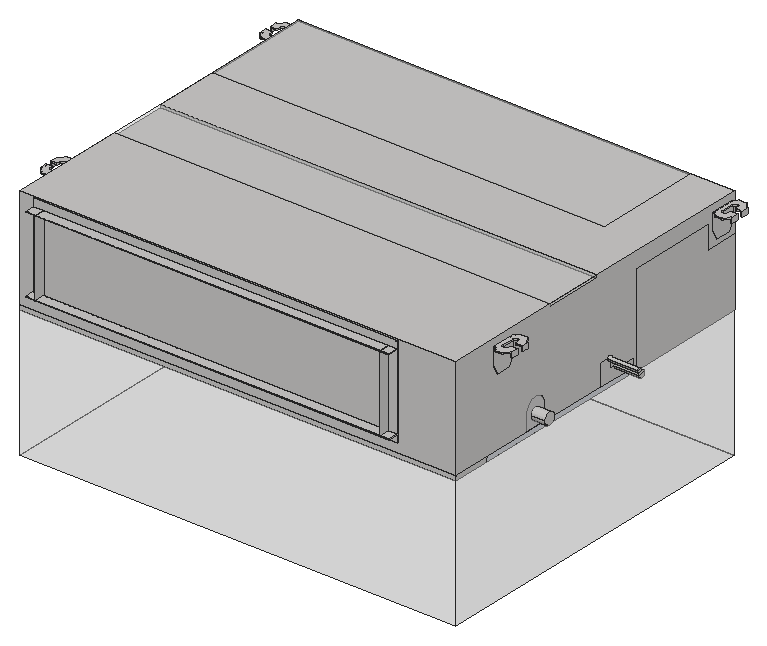
Revit family "outputfile", category 機械設備, Revit 2024
Family settings
  丸型コネクタ寸法 = 半径を使用
  パーツ タイプ = 標準
  OmniClass 番号 = 23.75.10.24.21.27.27
  OmniClass タイトル = Split System Air Conditioning Units
  作業面ベース = いいえ
  常に垂直 = はい
  ロード時にボイドで切り取り = いいえ
  注釈の向きを維持 = いいえ
  共有 = いいえ
  部屋計算ポイント = はい
Parameters (values of type "FXDBQ63AVM")
  Description = ""
  書き出し IFC クラス(タイプ) = "IfcUnitaryEquipmentType"
  定義済み IFC タイプ(タイプ) = "AIRCONDITIONINGUNIT"
  Cost = 0
  Type Comments = ""
  Keynote = ""
  Type Image = (empty or 0)
  Assembly Code = ""
  lh_liquidpipe = [h***] + 60.0 mm  # 60.0 mm
  lh_RA [instance] = if(Rear Connection_Return Air, 125.25 mm + [h***], 245.0 mm + [h***])  # 125.25 mm
  ld_RA_length [instance] = if(Rear Connection_Return Air, 245.0 mm, 126.0 mm)  # 245.0 mm
  l_liquidpipe_length [instance] = 571.0 mm
  l_gaspipe_length [instance] = 558.0 mm
  l_drainpipe_length [instance] = 533.0 mm
  angle_vertica [instance] = 90.00°
  angle horizontal [instance] = if(Right Connection_refrigerant, 180.00°, 0.00°)  # 180.00°
  URL = ""
  Right Connection_refrigerant [instance] = yes
  製造元 = "Daikin"
  モデル = "FXDBQ63AVM"
  w_pipe = 33.0 mm
  r_Liquid Pipe Size = Liquid Pipe Size / 2  # 4.75 mm
  r_Gas Pipe Size = Gas Pipe Size / 2  # 7.95 mm
  r_Drain Pipe Size = Drain Pipe Size / 2  # 12.5 mm
  lw_powersupply = 454.0 mm
  lw_ductflange2 = 902.0 mm
  lw_Width = 835.0 mm
  lh_suctionflange [instance] = 125.25 mm
  ld_suctionflange [instance] = if(Rear Connection_Return Air, 190.0 mm, 100.0 mm)  # 190.0 mm
  ld_powersupply = 60.0 mm
  angle_vertical_RA [instance] = if(Rear Connection_Return Air, 90.00°, 0.00°)  # 90.00°
  angle horizontal_RA [instance] = if(Rear Connection_Return Air, 180.00°, 270.00°)  # 180.00°
  Voltage_comment_60Hz = "220-230"
  Voltage_comment_50Hz = "220-240"
  Voltage_60Hz = 220 V
  Voltage_50Hz = 230 V
  Supply Air Direction [instance] = yes
  Sound Power Level_H speed (dB) = 0
  Rear Connection_Return Air [instance] = not(Bottom Connection_Return Air)  # yes
  RA_length [instance] = 245.0 mm  # constant formula
  Phase_60Hz = 1
  Phase_50Hz = 1
  Minimum External Static Pressure = 15.00 Pa
  Minimum Circuit Amps_60Hz = 1.5 A
  Minimum Circuit Amps_50Hz = 1.5 A
  Maximum Fuse Amps_60Hz = 16.0 A
  Maximum Fuse Amps_50Hz = 16.0 A
  Maximum External Static Pressure = 50.00 Pa
  Material_Casing = DAIKIN_GalvanizedSteel_Casing_indoorunit
  lw_liquidpipe = 71.0 mm  # constant formula
  lw_gaspipe = 58.0 mm  # constant formula
  lw_mountinghole_pitch = 1038.0 mm
  lw_mountinghole = 20.0 mm  # constant formula
  lw_drainpipe = 33.0 mm  # constant formula
  lh_powersupply = 10.0 mm
  lh_gaspipe = [h***] + 38.0 mm  # 38.0 mm
  lh_mountinghole = Height - 15.0 mm + [h***]  # 230.0 mm
  lh_drainpipe = 150.0 mm
  lh_antena = 16.0 mm  # constant formula
  ld_liquidpipe = 193.0 mm  # constant formula
  ld_gaspipe = 130.0 mm  # constant formula
  ld_mountinghole_pitch = 630.0 mm  # constant formula
  ld_drainpipe = 280.0 mm
  ld_controlbox = 626.0 mm  # constant formula
  h*** = 0.0 mm  # constant formula
  d_dischargeflange = 25.0 mm  # constant formula
  Width = 1000.0 mm
  Version = "ver.1.0"
  Unit Type = "3D Airflow Duct with Sensing Type"
  Unit Mass Weight = 36.00 kg
  Unit Designation [instance] = ""
  Uniclass2015Version = "Products v1.30"
  Uniclass2015Title = "Variable refrigerant flow units"
  Uniclass2015Code = "Pr_70_65_03_94"
  Total Heating Capacity [instance] = 0.000 kW
  Total Cooling Capacity [instance] = 0.000 kW
  Sound Pressure Level_M speed (dBA) = 0
  Sound Pressure Level_L speed (dBA) = 27
  Sound Pressure Level_H speed (dBA) = 35
  Series = "VRV Fan Coil Unit"
  Sensible Cooling Capacity [instance] = 0.000 kW
  SA Duct Size Width = 790.0 mm
  SA Duct Size Height = 174.0 mm
  Refrigerant Type = "R410A"
  RA Duct Size Width = 862.0 mm
  RA Duct Size Height [instance] = if(Rear Connection_Return Air, 202.6 mm, 204.0 mm)  # 202.6 mm
  Power Input (Heating) = 0.090 kW
  Power Input (Cooling) = 0.090 kW
  Option Accessory 3 [instance] = ""
  Option Accessory 2 [instance] = ""
  Option Accessory 1 [instance] = ""
  Nominal Heating Capacity = 8.000 kW
  Nominal Cooling Capacity = 7.100 kW
  Minimum Airflow = 870.00 m³/h
  Median Airflow = 1080.00 m³/h
  Maximum Airflow = 1320.00 m³/h
  Load Classification = HVAC
  Liquid Pipe Size = 9.5 mm
  Link_Nested Family [instance] = ""
  Left Connection_refrigerant [instance] = no
  IfcVersion = "0"
  IfcExportType = "AIRCONDITIONINGUNIT"
  IfcExportAs = "IfcUnitaryEquipmentType"
  Height = 245.0 mm
  Heating Entering Wet Bulb Temperature [instance] = 0.00 °C
  Heating Entering Dry Bulb Temperature [instance] = 0.00 °C
  Heating Ambient Wet Bulb Temperature [instance] = 0.00 °C
  Heating Ambient Dry Bulb Temperature [instance] = 0.00 °C
  Heat Exchanger Type = "Cross Fin Coil"
  Gas Pipe Size = 15.9 mm
  Frequency_60Hz = 60 Hz
  Frequency_50Hz = 50 Hz
  Fan Type = "Sirocco Fan"
  Fan Drive = "Direct Drive"
  FCU Tag No. [instance] = ""
  Drain Pipe Size = 25.0 mm
  Design Supply Airflow [instance] = 0.00 m³/h
  Design Return Airflow [instance] = 0.00 m³/h
  Design External Static Pressure [instance] = 0.00 Pa
  Depth = 800.0 mm
  既定の高さ = 0.0 mm
  Cooling Entering Wet Bulb Temperature [instance] = 0.00 °C
  Cooling Entering Dry Bulb Temperature [instance] = 0.00 °C
  Cooling Ambient Wet Bulb Temperature [instance] = 0.00 °C
  Cooling Ambient Dry Bulb Temperature [instance] = 0.00 °C
  Clearance visibility [instance] = yes
  Clearance Top = 0.0 mm
  Clearance Right = 0.0 mm
  Clearance Rear = 0.0 mm
  Clearance Left = 0.0 mm
  Clearance Front = 0.0 mm
  Clearance Bottom = 300.0 mm
  Bottom Connection_Return Air [instance] = no
Reference planes
  plane 1 "Center (Front/Back)": y = 0
  plane 2: z = 0
  plane 3 "Center (Left/Right)": x = 0
  plane 4 "Back": y = 400
  plane 5 "Front": y = -400
  plane 6 "Left": x = -500
  plane 7 "Right": x = 500
  plane 8 "Top": z = 0
  plane 9 "Bottom": z = -245
  plane 10: x = 330
  plane 11: x = -330
  plane 12: z = -235
  plane 13: z = -6
  plane 14: z = -67
  plane 15: z = -185
  plane 16: z = -207
  plane 17: x = -304
  plane 18: x = 304
  plane 19: x = -519
  plane 20: x = 519
  plane 21: x = -539
  plane 22: x = 390
  plane 23: x = 571
  plane 24: x = 558
  plane 25: x = 533
  plane 26: z = -15
  plane 27: z = -95
  plane 28 "Clearance Left": x = -500
  plane 29 "Clearance Right": x = 500
  plane 30 "Clearance Rear": y = 400
  plane 31 "Clearance Front": y = -400
  plane 32 "Clearance Top": z = 0
  plane 33 "Clearance Bottom": z = -545
  plane 34: z = -21
  plane 35: z = -206
  plane 36: z = -141.5
  plane 37: x = -40
  plane 38: y = 61
  plane 39: y = 39
  plane 40: y = -30
  plane 41: y = -171
  plane 42: z = -97.5
  plane 43: y = -400
  plane 44: x = -499
  plane 45: z = -145
  plane 46: z = -355
  plane 47: y = 210
  plane 48: z = 331
  plane 49: z = -244
  plane 50: y = 210
  plane 51: z = -146
  plane 52: x = 533
  plane 53: x = 495
  plane 54: x = 505
  plane 55: x = 501
  plane 56: x = 401
  plane 57: x = 499.004
  plane 58: x = -499
  plane 59: x = 454
  plane 60: z = -108
  plane 61: z = -234
  plane 62: x = -467
  plane 63: z = -3
  plane 64: x = -49.5
  plane 65: z = -1
  plane 66: y = 155
  plane 67: x = -50
  plane 68: y = -266
  plane 69: y = 364
  plane 70: z = -15
  plane 71: z = -185
  plane 72: z = -207
  plane 73: x = -533
  plane 74: x = -501
  plane 75: x = -571
  plane 76: x = -558
  plane 77: y = 280.25
  plane 78: z = 125.25
  plane 79: y = 117.5
  plane 80: z = -36.4
  plane 81: y = 399
Forms (mm)
  Extrusion 1, solid
    sketch origin (0, 0, 0) x (1, 0, 0) y (0, 0, 1)
      loop
        line (-500, -235) -> (-500, -245) -> (500, -245) -> (500, -235) -> (-500, -235)
    from -116.5 to 310
  Extrusion 2, solid, material "DAIKIN_GalvanizedSteel_Casing_indoorunit" <- "Material_Casing"
    sketch origin (0, 0, 0) x (1, 0, 0) y (0, 1, 0)
      loop
        line (-500, -400) -> (500, -400) -> (500, 400) -> (-500, 400) -> (-500, -400)
    from -245 to 0
  Extrusion 3, void
    sketch origin (0, 0, 1) x (1, 0, 0) y (0, 1, 0)
      loop
        line (-500, -128.821) -> (500, -128.821) -> (500, 4.179) -> (-500, 4.179) -> (-500, -128.821)
    from -1 to -7
  Revolve 4, solid, material "DAIKIN_GalvanizedSteel_Casing_indoorunit" <- "Material_Casing"
    sketch origin (0, 0, -207) x (0, -1, 0) y (1, 0, 0)
      loop
        line (-68.95, 501) -> (-61, 501) -> (-61, 558) -> (-68.95, 558) -> (-68.95, 501)
      axis (-61, 501) -> (-61, 558)
    angle from 0 to 360
  Revolve 5, solid, material "DAIKIN_GalvanizedSteel_Casing_indoorunit" <- "Material_Casing"
    sketch origin (0, 0, -185) x (0, -1, 0) y (1, 0, 0)
      loop
        line (-39, 501) -> (-39, 571) -> (-43.75, 571) -> (-43.75, 501) -> (-39, 501)
      axis (-39, 571) -> (-39, 501)
    angle from 0 to 360
  Extrusion 6, solid, material "DAIKIN_GalvanizedSteel_Casing_indoorunit" <- "Material_Casing"
    sketch origin (0, 0, 0) x (0, 1, 0) y (0, 0, 1)
      loop
        circle (-171, -206) r 13
    from 533 to 499.004
  Extrusion 7, solid, material "DAIKIN_GalvanizedSteel_Casing_indoorunit" <- "Material_Casing"
    sketch origin (0, 0, 0) x (1, 0, 0) y (0, 0, 1)
      loop
        line (-500, -235) -> (-500, -245) -> (500, -245) -> (500, -235) -> (-500, -235)
    from -116.5 to 400
  Extrusion 8, void
    sketch origin (0, 0, 0) x (1, 0, 0) y (0, 0, 1)
      loop
        line (401, 0) -> (-499, 0) -> (-499, -1) -> (401, -1) -> (401, 0)
    from -400 to -152.5
  Extrusion 9, solid, material "DAIKIN_GalvanizedSteel_Casing_indoorunit" <- "Material_Casing", visible <- "Rear Connection_Return Air"
    sketch origin (0, 0, 0) x (1, 0, 0) y (0, 1, 0)
      loop
        line (-499, 400) -> (-499, 152.5) -> (401, 152.5) -> (401, 400) -> (-499, 400)
    from -245 to -244
  Extrusion 10, solid, material "DAIKIN_GalvanizedSteel_Casing_indoorunit" <- "Material_Casing", visible <- "Bottom Connection_Return Air"
    sketch origin (0, 0, 0) x (1, 0, 0) y (0, 0, 1)
      loop
        line (401, -1) -> (-499, -1) -> (-499, -245) -> (401, -245) -> (401, -1)
    from -400 to -399
  Extrusion 11, void
    sketch origin (0, 0, 0) x (0, 1, 0) y (0, 0, 1)
      loop
        arc (-143.5, -198.721) -> (-171, -171.221) -> (-198.5, -198.721) r 27.5
        line (-198.5, -198.721) -> (-198.5, -235) -> (-143.5, -235) -> (-143.5, -198.721)
    from 499.004 to 500
  Extrusion 12, solid, material "DAIKIN_GalvanizedSteel_Casing_indoorunit" <- "Material_Casing"
    sketch origin (0, 0, 0) x (0, 1, 0) y (0, 0, 1)
      loop
        line (35.8, -185) -> (16.8, -185) -> (16.8, -235) -> (107.3, -235) -> (107.3, -217) -> (67.3, -217) -> (67.3, -207)
        arc (67.3, -207) -> (60.975, -213.325) -> (54.65, -207) r 6.325
        line (54.65, -207) -> (42.2, -207) -> (42.2, -185)
        arc (42.2, -185) -> (39, -188.2) -> (35.8, -185) r 3.2
    from 500 to 501
  Extrusion 13, void
    sketch origin (0, 0, 0) x (0, 1, 0) y (0, 0, -1)
      loop
        line (-143.5, 198.721) -> (-143.5, 235) -> (-198.5, 235) -> (-198.5, 198.721)
        arc (-198.5, 198.721) -> (-171, 171.221) -> (-143.5, 198.721) r 27.5
    from 499 to 500
  Extrusion 14, solid, material "DAIKIN_GalvanizedSteel_Casing_indoorunit" <- "Material_Casing"
    sketch origin (0, 0, 0) x (0, 1, 0) y (0, 0, -1)
      loop
        circle (-171, 206) r 13
    from 533 to 499
  Extrusion 15, solid, material "DAIKIN_GalvanizedSteel_Casing_indoorunit" <- "Material_Casing"
    sketch origin (0, 0, 0) x (0, 1, 0) y (0, 0, -1)
      loop
        arc (35.8, 185) -> (39, 188.2) -> (42.2, 185) r 3.2
        line (42.2, 185) -> (42.2, 207) -> (54.65, 207)
        arc (54.65, 207) -> (60.975, 213.325) -> (67.3, 207) r 6.325
        line (67.3, 207) -> (67.3, 217) -> (107.3, 217) -> (107.3, 235) -> (16.8, 235) -> (16.8, 185) -> (35.8, 185)
    from 500 to 501
  Revolve 16, solid, material "DAIKIN_GalvanizedSteel_Casing_indoorunit" <- "Material_Casing"
    sketch origin (0, 0, -185) x (0, -1, 0) y (1, 0, 0)
      loop
        line (-39, -501) -> (-43.75, -501) -> (-43.75, -571) -> (-39, -571) -> (-39, -501)
      axis (-39, -571) -> (-39, -501)
    angle from 0 to 360
  Revolve 17, solid, material "DAIKIN_GalvanizedSteel_Casing_indoorunit" <- "Material_Casing"
    sketch origin (0, 0, -207) x (0, -1, 0) y (1, 0, 0)
      loop
        line (-68.95, -501) -> (-68.95, -558) -> (-61, -558) -> (-61, -501) -> (-68.95, -501)
      axis (-61, -501) -> (-61, -558)
    angle from 0 to 360
  Extrusion 18, solid, material "DAIKIN_GalvanizedSteel_Casing_indoorunit" <- "Material_Casing"
    sketch origin (0, 0, 0) x (0, 1, 0) y (0, 0, 1)
      loop
        line (117.5, -36.4) -> (117.5, -245) -> (400, -245) -> (400, -88) -> (322.4, -88) -> (322.4, -36.4) -> (117.5, -36.4)
    from 501 to 500
Cuts and joins
  Extrusion 3, Extrusion 8, Extrusion 11, Extrusion 13 cuts Extrusion 2
  Extrusion 8, Extrusion 11, Extrusion 13 cuts Extrusion 7
Dimensions and locks
  "lh_powersupply": plane 12 to plane 9 "Bottom"
  locked: plane 8 "Top" to plane 13 at 6
  "Height": plane 8 "Top" to plane 9 "Bottom"
  equal spacing: plane 17, plane 3 "Center (Left/Right)", plane 18, locked at 304 each
  locked: plane 17 to plane 18 at 608
  equal spacing: plane 19, plane 3 "Center (Left/Right)", plane 20
  "lw_mountinghole_pitch": plane 19 to plane 20
  locked: plane 14 to plane 9 "Bottom" at 178
  "lw_mountinghole": plane 21 to plane 19
  locked: plane 15 to plane 9 "Bottom" at 60
  "lh_gaspipe": plane 16 to plane 9 "Bottom"
  "lh_mountinghole": plane 26 to plane 9 "Bottom"
  equal spacing: plane 6 "Left", plane 3 "Center (Left/Right)", plane 7 "Right"
  "Width": plane 6 "Left" to plane 7 "Right"
  "lh_drainpipe": plane 27 to plane 9 "Bottom"
  "Clearance Right": plane 7 "Right" to plane 29 "Clearance Right"
  "Clearance Left": plane 28 "Clearance Left" to plane 6 "Left"
  "lw_gaspipe": plane 7 "Right" to plane 24
  "lw_liquidpipe": plane 7 "Right" to plane 23
  "lw_drainpipe": plane 7 "Right" to plane 25
  "Clearance Rear": plane 30 "Clearance Rear" to plane 4 "Back"
  "Clearance Front": plane 5 "Front" to plane 31 "Clearance Front"
  "Clearance Top": plane 32 "Clearance Top" to plane 8 "Top"
  "Clearance Bottom": plane 9 "Bottom" to plane 33 "Clearance Bottom"
  locked: plane 8 "Top" to plane 34 at 21
  locked: plane 8 "Top" to plane 35 at 206
  locked: plane 36 to plane 9 "Bottom" at 103.5
  locked: plane 34 to plane 42 at 76.5
  locked: plane 44 to plane 6 "Left" at 1
  locked: plane 12 to plane 45 at 90
  locked: plane 46 to plane 33 "Clearance Bottom" at 190
  plane 48 to plane 26 = 346.0 mm
  locked: plane 49 to plane 9 "Bottom" at 1
  "ld_suctionflange": plane 4 "Back" to plane 50
  locked: plane 51 to plane 9 "Bottom" at 99
  locked: plane 7 "Right" to plane 52 at 33
  locked: plane 53 to plane 7 "Right" at 5
  locked: plane 7 "Right" to plane 54 at 5
  locked: plane 7 "Right" to plane 55 at 1
  plane 7 "Right" to plane 56 = 99.0 mm
  locked: plane 7 "Right" to plane 57 at 0.996
  locked: plane 58 to plane 6 "Left" at 1
  "lw_powersupply": plane 3 "Center (Left/Right)" to plane 59
  locked: plane 61 to plane 9 "Bottom" at 11
  locked: plane 6 "Left" to plane 62 at 33
  locked: plane 8 "Top" to plane 63 at 3
  locked: plane 8 "Top" to plane 65 at 1
  plane 66 to plane 4 "Back" = 245.0 mm
  "ld_mountinghole_pitch": plane 69 to plane 68
  locked: plane 8 "Top" to plane 70 at 15
  "Depth": plane 4 "Back" to plane 43
  equal spacing: plane 4 "Back", plane 1 "Center (Front/Back)", plane 43, locked at 400 each
  locked: plane 31 "Clearance Front" to plane 41 at 229
  locked: plane 31 "Clearance Front" to plane 39 at 439
  locked: plane 39 to plane 38 at 22
  locked: plane 8 "Top" to plane 71 at 185
  locked: plane 71 to plane 72 at 22
  locked: plane 60 to plane 9 "Bottom" at 137
  plane 72 to plane 9 "Bottom" = 38.0 mm
  locked: plane 73 to plane 6 "Left" at 33
  locked: plane 74 to plane 6 "Left" at 1
  locked: plane 75 to plane 6 "Left" at 71
  locked: plane 76 to plane 6 "Left" at 58
  "r_Liquid Pipe Size": Revolve 5 sketch curve to Revolve 5 sketch curve
  "r_Gas Pipe Size": Revolve 4 sketch curve to Revolve 4 sketch curve
  "lh_suctionflange": plane 78 to level
  "r_Liquid Pipe Size": Revolve 16 sketch curve to Revolve 16 sketch curve
  "r_Gas Pipe Size": Revolve 17 sketch curve to Revolve 17 sketch curve
  locked: plane 68 to plane 43 at 134
  "ld_RA_length": plane 30 "Clearance Rear" to plane 66
  locked: plane 30 "Clearance Rear" to Extrusion 9 sketch curve at 247.5
  locked: plane 79 to plane 30 "Clearance Rear" at 282.5
  locked: plane 80 to plane 9 "Bottom" at 208.6
  locked: Extrusion 18 sketch curve to Extrusion 18 sketch curve at 51.6
  locked: Extrusion 18 sketch curve to nested 8 at 77.6
  locked: plane 4 "Back" to plane 81 at 1
  aligned and locked: level to plane 2
  aligned and locked: Extrusion 2 to plane 9 "Bottom"
  aligned and locked: plane 8 "Top" to Extrusion 2
  aligned and locked: Revolve 4 sketch curve to Revolve 4 sketch curve
  aligned and locked: plane 20 to nested 2
  aligned and locked: plane 19 to nested 3
  aligned and locked: plane 19 to nested 4
  aligned and locked: nested 7 to plane 12
  aligned and locked: Extrusion 7 to plane 9 "Bottom"
  aligned and locked: Extrusion 6 sketch curve to plane 41
  aligned and locked: plane 4 "Back" to Extrusion 8
  aligned and locked: plane 8 "Top" to Extrusion 3
  aligned and locked: plane 9 "Bottom" to Extrusion 9  (x2)
  aligned and locked: Extrusion 9 to plane 49
  aligned and locked: Extrusion 8 to level
  aligned and locked: plane 30 "Clearance Rear" to nested 8
  aligned and locked: plane 29 "Clearance Right" to nested 8
  aligned and locked: plane 28 "Clearance Left" to nested 8
  aligned and locked: nested 8 to plane 32 "Clearance Top"
  aligned and locked: nested 8 to plane 33 "Clearance Bottom"
  aligned and locked: Extrusion 3 to plane 13
  aligned and locked: plane 7 "Right" to cut or joined group of Extrusion 2, Extrusion 3, Extrusion 8, Extrusion 11, Extrusion 13  (x2)
  aligned and locked: plane 52 to Extrusion 6
  aligned and locked: plane 56 to Extrusion 8 sketch curve
  aligned and locked: Extrusion 9 to plane 56
  aligned and locked: cut or joined group of Extrusion 2, Extrusion 3, Extrusion 8, Extrusion 11, Extrusion 13 to plane 43
  aligned and locked: nested 7 to plane 59
  aligned and locked: nested 6 to plane 1 "Center (Front/Back)"
  aligned and locked: plane 3 "Center (Left/Right)" to nested 6
  aligned and locked: plane 60 to nested 5  (x2)
  aligned and locked: nested 10 to plane 62
  aligned and locked: nested 10 to plane 63
  aligned and locked: plane 64 to nested 5
  aligned and locked: nested 11 to plane 58
  aligned and locked: plane 4 "Back" to nested 11
  aligned and locked: plane 65 to nested 11
  aligned and locked: plane 4 "Back" to Extrusion 10
  aligned and locked: plane 65 to Extrusion 10
  aligned and locked: Extrusion 10 to plane 9 "Bottom"
  aligned and locked: Extrusion 10 to plane 56
  aligned and locked: plane 4 "Back" to nested 7
  aligned and locked: nested 13 to plane 68
  aligned and locked: plane 6 "Left" to nested 13
  aligned and locked: plane 68 to nested 12
  aligned and locked: nested 12 to plane 7 "Right"
  aligned and locked: nested 15 to plane 69
  aligned and locked: plane 6 "Left" to nested 15
  aligned and locked: plane 69 to nested 14
  aligned and locked: nested 14 to plane 7 "Right"
  aligned and locked: plane 70 to nested 13
  aligned and locked: plane 70 to nested 15
  aligned and locked: plane 20 to nested 1
  aligned and locked: nested 1 to plane 69
  aligned and locked: nested 4 to plane 69
  aligned and locked: nested 3 to plane 68
  aligned and locked: nested 2 to plane 68
  aligned and locked: cut or joined group of Extrusion 2, Extrusion 3, Extrusion 8, Extrusion 11, Extrusion 13 to plane 57
  aligned and locked: Extrusion 6 to plane 57
  aligned and locked: nested 5 to plane 64
  aligned and locked: nested 5 to plane 43
  aligned and locked: cut or joined group of Extrusion 7, Extrusion 8, Extrusion 11, Extrusion 13 to plane 43
  aligned and locked: plane 7 "Right" to Extrusion 12
  aligned and locked: plane 55 to Extrusion 12
  aligned and locked: plane 71 to Revolve 5
  aligned and locked: plane 72 to Revolve 4
  aligned and locked: plane 72 to Extrusion 12
  aligned and locked: Extrusion 12 to plane 12
  aligned and locked: plane 71 to Extrusion 12
  aligned and locked: cut or joined group of Extrusion 2, Extrusion 3, Extrusion 8, Extrusion 11, Extrusion 13 to plane 6 "Left"  (x2)
  aligned and locked: plane 58 to cut or joined group of Extrusion 2, Extrusion 3, Extrusion 8, Extrusion 11, Extrusion 13
  aligned and locked: plane 58 to Extrusion 14
  aligned and locked: Extrusion 14 to plane 73
  aligned and locked: plane 6 "Left" to Extrusion 15
  aligned and locked: Extrusion 15 to plane 74
  aligned and locked: Revolve 16 to plane 74
  aligned and locked: Revolve 16 to plane 75
  aligned and locked: Revolve 17 sketch curve to Revolve 17 sketch curve
  aligned and locked: Revolve 17 to plane 74
  aligned and locked: Revolve 17 to plane 76
  aligned and locked: nested 16 to plane 39
  aligned and locked: nested 17 to plane 38
  aligned and locked: nested 17 to plane 3 "Center (Left/Right)"
  aligned and locked: plane 71 to Revolve 16
  aligned and locked: plane 72 to Revolve 17
  aligned and locked: plane 43 to nested 10
  aligned and locked: nested 8 to plane 43
  aligned and locked: nested 18 to plane 41
  aligned and locked: plane 3 "Center (Left/Right)" to nested 18
  aligned and locked: plane 35 to nested 18
  aligned and locked: nested 9 to plane 67  (x2)
  aligned and locked: nested 12 to plane 70
  aligned and locked: nested 14 to plane 70
  aligned and locked: nested 9 to plane 66
  aligned and locked: plane 29 "Clearance Right" to Extrusion 18
  aligned and locked: plane 55 to Extrusion 18
  aligned and locked: plane 80 to Extrusion 18
  aligned and locked: plane 79 to Extrusion 18
  aligned and locked: nested 19 to plane 9 "Bottom"
  aligned and locked: nested 19 to plane 56
  aligned and locked: nested 19 to plane 81
  aligned and locked: level to plane 8 "Top"
Automatic sketch dimensions
  Extrusion 1 sketch curve to plane 6 "Left" = 0.0 mm
  Extrusion 1 sketch curve to plane 7 "Right" = 0.0 mm
  Extrusion 1 sketch curve to plane 9 "Bottom" = 0.0 mm
  Extrusion 1 sketch curve to plane 12 = 0.0 mm
  Extrusion 2 sketch curve to plane 4 "Back" = 0.0 mm
  Extrusion 2 sketch curve to plane 6 "Left" = 0.0 mm
  Extrusion 2 sketch curve to plane 7 "Right" = 0.0 mm
  Extrusion 2 sketch curve to plane 43 = 0.0 mm
  Extrusion 3 sketch curve to plane 6 "Left" = 0.0 mm
  Extrusion 3 sketch curve to plane 7 "Right" = 0.0 mm
  plane 41 to Extrusion 3 sketch curve = 42.179 mm
  Extrusion 3 sketch curve to plane 1 "Center (Front/Back)" = 4.179 mm
  Revolve 4 sketch curve to plane 24 = 0.0 mm
  Revolve 4 sketch curve to plane 38 = 0.0 mm
  Revolve 4 sketch curve to plane 55 = 0.0 mm
  plane 55 to Revolve 4 sketch curve = 1.003 mm
  plane 24 to Revolve 4 sketch curve = 1.003 mm
  Revolve 5 sketch curve to plane 39 = 0.0 mm  (x2)
  Revolve 5 sketch curve to plane 23 = 0.0 mm  (x2)
  Revolve 5 sketch curve to plane 55 = 0.0 mm  (x2)
  Extrusion 6 sketch curve to plane 35 = 0.0 mm
  Extrusion 7 sketch curve to plane 6 "Left" = 0.0 mm
  Extrusion 7 sketch curve to plane 7 "Right" = 0.0 mm
  Extrusion 7 sketch curve to plane 9 "Bottom" = 0.0 mm
  Extrusion 7 sketch curve to plane 12 = 0.0 mm
  Extrusion 9 sketch curve to plane 44 = 0.0 mm
  Extrusion 9 sketch curve to plane 4 "Back" = 0.0 mm
  Extrusion 9 sketch curve to plane 56 = 0.0 mm
  Extrusion 10 sketch curve to plane 44 = 0.0 mm
  Extrusion 10 sketch curve to plane 9 "Bottom" = 0.0 mm
  Extrusion 10 sketch curve to plane 56 = 0.0 mm
  Extrusion 10 sketch curve to plane 65 = 0.0 mm
  Extrusion 11 sketch curve to plane 12 = 0.0 mm
  Extrusion 11 sketch curve to plane 41 = 0.0 mm
  Extrusion 11 sketch curve to plane 41 = 27.5 mm
  plane 35 to Extrusion 11 sketch curve = 7.279 mm
  Extrusion 12 sketch curve to plane 15 = 0.0 mm
  Extrusion 12 sketch curve to plane 12 = 0.0 mm
  Extrusion 12 sketch curve to plane 39 = 0.0 mm
  Extrusion 12 sketch curve to plane 72 = 0.0 mm
  Extrusion 12 sketch curve to Extrusion 12 sketch curve = 3.2 mm
  Extrusion 12 sketch curve to plane 1 "Center (Front/Back)" = 16.8 mm
  Extrusion 12 sketch curve to plane 38 = 6.35 mm
  Extrusion 12 sketch curve to plane 38 = 0.025 mm
  Extrusion 12 sketch curve to Extrusion 12 sketch curve = 40.0 mm
  Extrusion 12 sketch curve to Extrusion 12 sketch curve = 10.0 mm
  Extrusion 13 sketch curve to plane 12 = 0.0 mm
  Extrusion 13 sketch curve to plane 41 = 0.0 mm
  Extrusion 13 sketch curve to plane 41 = 27.5 mm
  plane 35 to Extrusion 13 sketch curve = 7.279 mm
  Extrusion 14 sketch curve to plane 35 = 0.0 mm
  Extrusion 14 sketch curve to plane 41 = 0.0 mm
  Extrusion 15 sketch curve to plane 15 = 0.0 mm
  Extrusion 15 sketch curve to plane 12 = 0.0 mm
  Extrusion 15 sketch curve to plane 39 = 0.0 mm
  Extrusion 15 sketch curve to plane 72 = 0.0 mm
  Extrusion 15 sketch curve to Extrusion 15 sketch curve = 3.2 mm
  Extrusion 15 sketch curve to plane 1 "Center (Front/Back)" = 16.8 mm
  Extrusion 15 sketch curve to plane 38 = 6.35 mm
  Extrusion 15 sketch curve to plane 38 = 0.025 mm
  Extrusion 15 sketch curve to Extrusion 15 sketch curve = 40.0 mm
  Extrusion 15 sketch curve to Extrusion 15 sketch curve = 10.0 mm
  Revolve 16 sketch curve to plane 74 = 0.0 mm  (x2)
  Revolve 16 sketch curve to plane 75 = 0.0 mm  (x2)
  Revolve 16 sketch curve to plane 39 = 0.0 mm  (x2)
  Revolve 17 sketch curve to plane 74 = 0.0 mm
  Revolve 17 sketch curve to plane 38 = 0.0 mm
  plane 75 to Revolve 17 sketch curve = 13.0 mm
  Revolve 17 sketch curve to plane 74 = 1.003 mm
  Revolve 17 sketch curve to Revolve 17 sketch curve = 1.003 mm
  Extrusion 8 sketch curve to plane 44 = 0.0 mm
  Extrusion 8 sketch curve to level = 0.0 mm
  Extrusion 8 sketch curve to plane 65 = 0.0 mm
  Extrusion 18 sketch curve to plane 9 "Bottom" = 0.0 mm
  Extrusion 18 sketch curve to plane 79 = 0.0 mm
  Extrusion 18 sketch curve to plane 80 = 0.0 mm
  Extrusion 18 sketch curve to plane 4 "Back" = 0.0 mm
  radius of Extrusion 6 sketch curve = 13.0 mm
  radius of Extrusion 14 sketch curve = 13.0 mm
Nested families
  nested 1: "daikin_mountinghole" at (519, 364, -245), l_antenna <- "lh_antena", Link_Nested Family <- "Link_Nested Family", h_mountinghole <- "lh_mountinghole", type "daikin_mountinghole"
    with show yes, l_antenna 16.0 mm, h_mountinghole 230.0 mm, Link_Nested Family ""
  nested 2: "daikin_mountinghole" at (519, -266, -245), Link_Nested Family <- "Link_Nested Family", l_antenna <- "lh_antena", h_mountinghole <- "lh_mountinghole", type "daikin_mountinghole"
    with show yes, l_antenna 16.0 mm, h_mountinghole 230.0 mm, Link_Nested Family ""
  nested 3: "daikin_mountinghole" at (-519, -266, -245), l_antenna <- "lh_antena", Link_Nested Family <- "Link_Nested Family", h_mountinghole <- "lh_mountinghole", type "daikin_mountinghole"
    with show yes, l_antenna 16.0 mm, h_mountinghole 230.0 mm, Link_Nested Family ""
  nested 4: "daikin_mountinghole" at (-519, 364, -245), l_antenna <- "lh_antena", Link_Nested Family <- "Link_Nested Family", h_mountinghole <- "lh_mountinghole", type "daikin_mountinghole"
    with show yes, l_antenna 16.0 mm, h_mountinghole 230.0 mm, Link_Nested Family ""
  nested 5: "daikin_connector_rotate2" at (-49.5, -400, -108), length <- "d_dischargeflange", type "daikin_connector_rotate2"
    with radius 10.0 mm, length 25.0 mm, angle_vertical 90.00°, show_face no
  nested 6: "daikin_△_symbolicline" at (-75, -129.904, 245) x (-0.5, 0.866, 0) z (0, 0, 1), built-in parameter 1001364 <- "Height", visible <- "Supply Air Direction", type "daikin_△_symbolicline"
    with length 300.0 mm
  nested 7: "daikin_connector_rotate2" at (454, 340, -235) x (-1, 0, 0) z (0, 0, 1), built-in parameter 1001364 <- "lw_powersupply", length <- "ld_powersupply", type "daikin_connector_rotate2"
    with radius 10.0 mm, length 60.0 mm, angle_vertical 90.00°, show_face no
  nested 8: "daikin_clearancespace" at (0, 0, -272.381), visible <- "Clearance visibility", show <- "Clearance visibility", Link_Nested Family <- "Link_Nested Family", type "daikin_clearancespace"
    with width 1000.0 mm, show yes, height 545.0 mm, depth 800.0 mm, Link_Nested Family ""
  nested 9: "daikin_connector_rotate3" at (-50, 155, -119.75), angle_vertical <- "angle_vertical_RA", angle_horizontal <- "angle horizontal_RA", length <- "RA_length", built-in parameter 1001364 <- "lh_RA", type "daikin_connector_rotate3"
    with show no, radius 10.0 mm, length 245.0 mm, angle_vertical 90.00°, angle_horizontal 180.00°
  nested 10: "daikin_ductflange_FXDBQ-AVM" at (-49.5, -86.5, -385.201), width <- "lw_Width", material <- "Material_Casing", type "daikin_ductflange_FXDBQ-AVM"
    with width 835.0 mm, material DAIKIN_GalvanizedSteel_Casing_indoorunit, height 176.0 mm, depth 25.0 mm
  nested 11: "daikin_ductflange_FXDBQ-AVM2" at (-49, 400, -119.75), material <- "Material_Casing", visible <- "Rear Connection_Return Air", width <- "lw_ductflange2", rear <- "Rear Connection_Return Air", bottom <- "Bottom Connection_Return Air", type "daikin_ductflange_FXDBQ-AVM2"
    with width 902.0 mm, rear yes, material DAIKIN_GalvanizedSteel_Casing_indoorunit, height 245.0 mm, depth 1.0 mm, bottom no, H2 18.5 mm, H1 202.5 mm
  nested 12: "daikin_hangerfixture_FXDBQ-AVM" at (500, -266, -15) x (0, 1, 0) z (0, 0, 1), type "daikin_hangerfixture_FXDBQ-AVM"
  nested 13: "daikin_hangerfixture_FXDBQ-AVM" at (-500, -266, -15) x (0, -1, 0) z (0, 0, 1), type "daikin_hangerfixture_FXDBQ-AVM"
  nested 14: "daikin_hangerfixture_FXDBQ-AVM" at (500, 364, -15) x (0, 1, 0) z (0, 0, 1), type "daikin_hangerfixture_FXDBQ-AVM"
  nested 15: "daikin_hangerfixture_FXDBQ-AVM" at (-500, 364, -15) x (0, -1, 0) z (0, 0, 1), type "daikin_hangerfixture_FXDBQ-AVM"
  nested 16: "daikin_connector_rotate3" at (0, 39, -185) x (0, -1, 0) z (0, 0, 1), radius <- "r_Liquid Pipe Size", angle_vertical <- "angle_vertica", length <- "l_liquidpipe_length", angle_horizontal <- "angle horizontal", type "daikin_connector_rotate3"
    with show no, radius 4.75 mm, length 571.0 mm, angle_vertical 90.00°, angle_horizontal 180.00°
  nested 17: "daikin_connector_rotate3" at (0, 61, -207) x (0, -1, 0) z (0, 0, 1), angle_vertical <- "angle_vertica", angle_horizontal <- "angle horizontal", length <- "l_gaspipe_length", radius <- "r_Gas Pipe Size", type "daikin_connector_rotate3"
    with show no, radius 7.95 mm, length 558.0 mm, angle_vertical 90.00°, angle_horizontal 180.00°
  nested 18: "daikin_connector_rotate3" at (0, -171, -206) x (0, -1, 0) z (0, 0, 1), angle_vertical <- "angle_vertica", angle_horizontal <- "angle horizontal", length <- "l_drainpipe_length", radius <- "r_Drain Pipe Size", type "daikin_connector_rotate3"
    with show no, radius 12.5 mm, length 533.0 mm, angle_vertical 90.00°, angle_horizontal 180.00°
  nested 19: "daikin_ductflange_FXDBQ-AVM2" at (-49, 274.75, -244) x (1, 0, 0) z (0, -1, 0), width <- "lw_ductflange2", material <- "Material_Casing", visible <- "Bottom Connection_Return Air", rear <- "Rear Connection_Return Air", bottom <- "Bottom Connection_Return Air", type "daikin_ductflange_FXDBQ-AVM2"
    with width 902.0 mm, rear yes, material DAIKIN_GalvanizedSteel_Casing_indoorunit, height 245.0 mm, depth 1.0 mm, bottom no, H2 18.5 mm, H1 202.5 mm
Connectors
  hvac at (-49.5, -425, -108), driven by "SA Duct Size Height", driven by "SA Duct Size Width"
    settings: on nested 5, index 7, duct flow 0.00 m³/h, flow factor 0, pres drop 0.00 Pa, loss coef 0, conn angle 0.00°, conn width 790.0 mm, conn height 174.0 mm, conn diameter 609.6 mm, duct sys type 1, conn prof type 1, flow config 0, flow direction 2, loss method 4, conn ref index -1, conn util no, is conn primary yes, conn desc "SA Duct"
  electrical at (454, 400, -235), driven by "Load Classification"
    settings: on nested 7, index 9, voltage 0 V, apparent load 0 VA, apparent load phase1 0 VA, apparent load phase2 0 VA, apparent load phase3 0 VA, power factor 1, load classification "HVAC", number of poles 1, system type 30, power factor state 1, is connector primary yes, connector utility no, sub classification motor no, connector description "Power Supply"
  hvac at (-50, 400, -119.75), driven by "RA Duct Size Height", driven by "RA Duct Size Width"
    settings: on nested 9, index 10, duct flow 0.00 m³/h, flow factor 0, pres drop 0.00 Pa, loss coef 0, conn angle 0.00°, conn width 862.0 mm, conn height 202.6 mm, conn diameter 609.6 mm, duct sys type 2, conn prof type 1, flow config 0, flow direction 1, loss method 4, conn ref index -1, conn util no, is conn primary no, conn desc "RA Duct"
  piping at (558, 61, -207), diameter 15.9, driven by "r_Gas Pipe Size"
    settings: on nested 17, index 13, connector inside diameter 609.6 mm, connector length 0.0 mm, flow factor 0, pipe flow 0.00 m³/h, pressure drop 0.0 Pa, fitting loss kfactor 0, connector angle 0.00°, fixture units 0, engagement length 0.0 mm, angle of deflection 0.00°, flow configuration 1, flow direction 2, fitting loss method 0, system type 29, joint type 0, gender type 0, connector reference index -1, connector utility 0, adjustable connector no, is connector primary yes, connector description "Refrigerant Gas Piping"
  piping at (571, 39, -185), diameter 9.5, driven by "r_Liquid Pipe Size"
    settings: on nested 16, index 14, connector inside diameter 609.6 mm, connector length 0.0 mm, flow factor 0, pipe flow 0.00 m³/h, pressure drop 0.0 Pa, fitting loss kfactor 0, connector angle 0.00°, fixture units 0, engagement length 0.0 mm, angle of deflection 0.00°, flow configuration 1, flow direction 1, fitting loss method 0, system type 29, joint type 0, gender type 0, connector reference index -1, connector utility 0, adjustable connector no, is connector primary no, connector description "Refrigerant Liquid Piping"
  piping at (533, -171, -206), diameter 25, driven by "r_Drain Pipe Size"
    settings: on nested 18, index 15, connector inside diameter 609.6 mm, connector length 0.0 mm, flow factor 0, pipe flow 0.00 m³/h, pressure drop 0.0 Pa, fitting loss kfactor 0, connector angle 0.00°, fixture units 0, engagement length 0.0 mm, angle of deflection 0.00°, flow configuration 1, flow direction 2, fitting loss method 4, system type 16, joint type 0, gender type 0, connector reference index -1, connector utility 0, adjustable connector no, is connector primary no, connector description "Condensate Drain Piping"
Definition of nested family "daikin_clearancespace"
  Parameters (values of type "daikin_clearancespace")
    width [instance] = 1823.963 mm
    show [instance] = yes
    material = none
    height [instance] = 1359.762 mm
    depth [instance] = 880.0 mm
    Default Elevation = 0.0 mm
    Link_Nested Family [instance] = ""
  Reference planes
    plane 1 "Center (Front/Back)": y = 0
    plane 2 "Center (Elevation)": z = -0.119
    plane 3 "Center (Left/Right)": x = 0
    plane 4: y = 440
    plane 5: y = -440
    plane 6 "Right": x = 911.982
    plane 7 "Left": x = -911.982
    plane 8 "Top": z = 679.762
    plane 9 "Bottom": z = -680
  Forms (mm)
    Extrusion 1, solid, material <- "material", visible <- "show"
      sketch origin (0, 0, 0) x (1, 0, 0) y (0, 1, 0)
        loop
          line (-911.982, 440) -> (-911.982, -440) -> (911.982, -440) -> (911.982, 440) -> (-911.982, 440)
      from -680 to 679.762
  Lines and regions (mm)
    symbolic lines, visible <- "show"
      curve 1: line (911.982, 440, 0) -> (-911.982, 440, 0)
      curve 2: line (-911.982, 440, 0) -> (-911.982, -440, 0)
      curve 3: line (-911.982, -440, 0) -> (911.982, -440, 0)
      curve 4: line (911.982, -440, 0) -> (911.982, 440, 0)
      curve 5: line (911.982, 0, 679.762) -> (-911.982, 0, 679.762)
      curve 6: line (911.982, 0, -680) -> (911.982, 0, 679.762)
      curve 7: line (-911.982, 0, -680) -> (911.982, 0, -680)
      curve 8: line (-911.982, 0, 679.762) -> (-911.982, 0, -680)
      curve 9: line (0, 440, 679.762) -> (0, -440, 679.762)
      curve 10: line (0, -440, 679.762) -> (0, -440, -680)
      curve 11: line (0, 440, -680) -> (0, 440, 679.762)
      curve 12: line (0, -440, -680) -> (0, 440, -680)
  Dimensions and locks
    "width": plane 7 "Left" to plane 6 "Right"
    "depth": plane 4 to plane 5
    "height": plane 8 "Top" to plane 9 "Bottom"
    equal spacing: plane 7 "Left", plane 3 "Center (Left/Right)", plane 6 "Right"
    equal spacing: plane 4, plane 1 "Center (Front/Back)", plane 5
    equal spacing: plane 8 "Top", plane 2 "Center (Elevation)", plane 9 "Bottom"
    aligned and locked: level to plane 2 "Center (Elevation)"
    aligned and locked: Extrusion 1 sketch curve to plane 4
    aligned and locked: plane 7 "Left" to Extrusion 1 sketch curve
    aligned and locked: Extrusion 1 sketch curve to plane 5
    aligned and locked: Extrusion 1 sketch curve to plane 6 "Right"
    aligned and locked: plane 8 "Top" to Extrusion 1
    aligned and locked: curve 1 to Extrusion 1
    aligned and locked: curve 2 to Extrusion 1
    aligned and locked: curve 3 to Extrusion 1
    aligned and locked: curve 4 to Extrusion 1
    aligned and locked: curve 5 to Extrusion 1
    aligned and locked: curve 6 to Extrusion 1
    aligned and locked: curve 7 to Extrusion 1
    aligned and locked: curve 8 to Extrusion 1
    aligned and locked: curve 9 to Extrusion 1
    aligned and locked: curve 10 to Extrusion 1
    aligned and locked: curve 11 to Extrusion 1
    aligned and locked: curve 12 to Extrusion 1
    aligned and locked: Extrusion 1 to plane 9 "Bottom"
Definition of nested family "daikin_ductflange_FXDBQ-AVM"
  Parameters (values of type "daikin_ductflange_FXDBQ-AVM")
    width [instance] = 535.0 mm
    material [instance] = none
    height [instance] = 176.0 mm
    depth [instance] = 25.0 mm
    Default Elevation = 0.0 mm
  Reference planes
    plane 1 "Center (Front/Back)": y = 0
    plane 2: z = 189.201
    plane 3 "Center (Left/Right)": x = 0
    plane 4: y = -313.5
    plane 5: x = -267.5
    plane 6: x = 267.5
    plane 7: y = -338.5
    plane 8: z = 365.201
    plane 9: z = 277.201
    plane 10: z = 364.201
    plane 11: z = 190.201
  Forms (mm)
    Extrusion 1, solid, material <- "material"
      sketch origin (0, 0, 189.201) x (1, 0, 0) y (0, 1, 0)
        loop
          line (-245, -338.5) -> (-245, -313.5) -> (-267.5, -313.5) -> (-267.5, -314.5) -> (-246, -314.5) -> (-246, -338.5) -> (-245, -338.5)
        loop
          line (245, -338.5) -> (246, -338.5) -> (246, -314.5) -> (267.5, -314.5) -> (267.5, -313.5) -> (245, -313.5) -> (245, -338.5)
      from 1 to 175
    Extrusion 2, solid, material <- "material"
      sketch origin (0, 0, 0) x (0, 1, 0) y (0, 0, 1)
        loop
          line (-338.5, 364.201) -> (-313.5, 364.201) -> (-313.5, 382.201) -> (-314.5, 382.201) -> (-314.5, 365.201) -> (-338.5, 365.201) -> (-338.5, 364.201)
        loop
          line (-313.5, 190.201) -> (-338.5, 190.201) -> (-338.5, 189.201) -> (-314.5, 189.201) -> (-314.5, 172.201) -> (-313.5, 172.201) -> (-313.5, 190.201)
      from -267.5 to 267.5
  Dimensions and locks
    plane 4 to plane 1 "Center (Front/Back)" = 313.5 mm
    "depth": plane 7 to plane 4
    equal spacing: plane 8, plane 9, level
    "height": plane 8 to level
    equal spacing: plane 6, plane 3 "Center (Left/Right)", plane 5
    "width": plane 6 to plane 5
    plane 5 to plane 6 = 535.0 mm
    locked: plane 8 to plane 10 at 1
    locked: plane 11 to level at 1
    locked: Extrusion 1 sketch curve to Extrusion 1 sketch curve at 1
    aligned and locked: level to plane 2
    aligned and locked: Extrusion 2 to plane 5
    aligned and locked: plane 6 to Extrusion 2
    aligned and locked: plane 10 to Extrusion 1
    aligned and locked: Extrusion 1 to plane 5  (x2)
    aligned and locked: plane 6 to Extrusion 1  (x2)
  Automatic sketch dimensions
    Extrusion 1 sketch curve to plane 5 = 0.0 mm
    Extrusion 1 sketch curve to plane 7 = 0.0 mm  (x2)
    Extrusion 1 sketch curve to plane 4 = 0.0 mm  (x2)
    Extrusion 1 sketch curve to plane 6 = 0.0 mm
    plane 5 to Extrusion 1 sketch curve = 21.5 mm
    Extrusion 1 sketch curve to Extrusion 1 sketch curve = 1.0 mm  (x2)
    Extrusion 1 sketch curve to plane 6 = 22.5 mm
    Extrusion 1 sketch curve to plane 4 = 1.0 mm
    Extrusion 2 sketch curve to plane 7 = 0.0 mm  (x2)
    Extrusion 2 sketch curve to level = 0.0 mm
    Extrusion 2 sketch curve to plane 8 = 0.0 mm
    Extrusion 2 sketch curve to plane 4 = 0.0 mm  (x2)
    Extrusion 2 sketch curve to plane 11 = 0.0 mm
    Extrusion 2 sketch curve to plane 10 = 0.0 mm
    Extrusion 2 sketch curve to plane 4 = 1.0 mm
    Extrusion 2 sketch curve to Extrusion 2 sketch curve = 1.0 mm
    Extrusion 2 sketch curve to level = 17.0 mm
    plane 8 to Extrusion 2 sketch curve = 17.0 mm
Definition of nested family "daikin_ductflange_FXDBQ-AVM2"
  Parameters (values of type "daikin_ductflange_FXDBQ-AVM2")
    width [instance] = 602.0 mm
    material [instance] = none
    height [instance] = 245.0 mm
    depth [instance] = 1.0 mm
    bottom [instance] = no
    rear [instance] = yes
    H2 [instance] = if(rear, 18.5 mm, 20.5 mm)  # 18.5 mm
    H1 [instance] = if(rear, 202.5 mm, 204.0 mm)  # 202.5 mm
    Default Elevation = 0.0 mm
  Reference planes
    plane 1 "Center (Front/Back)": y = 0
    plane 2: z = 0
    plane 3 "Center (Left/Right)": x = 0
    plane 4: y = -1
    plane 5: x = -301
    plane 6: x = 301
    plane 7: z = 101.25
    plane 8: z = -101.25
    plane 9: z = 119.75
    plane 10: z = -125.25
    plane 11: x = -300
    plane 12: x = 300
  Forms (mm)
    Extrusion 1, solid, material <- "material"
      sketch origin (0, 0, 0) x (1, 0, 0) y (0, 0, 1)
        loop
          line (-300, -124.25) -> (300, -124.25) -> (300, 118.75) -> (-300, 118.75) -> (-300, -124.25)
        loop
          line (-282, 101.25) -> (-282, -101.25) -> (280, -101.25) -> (280, 101.25) -> (-282, 101.25)
      from 0 to 1
  Dimensions and locks
    equal spacing: plane 6, plane 3 "Center (Left/Right)", plane 5
    "width": plane 6 to plane 5
    plane 11 to plane 5 = 1.0 mm
    locked: plane 6 to plane 12 at 1
    locked: plane 9 to Extrusion 1 sketch curve at 1
    locked: Extrusion 1 sketch curve to plane 10 at 1
    locked: Extrusion 1 sketch curve to Extrusion 1 sketch curve at 18
    locked: Extrusion 1 sketch curve to Extrusion 1 sketch curve at 20
    "depth": plane 4 to plane 1 "Center (Front/Back)"
    locked: plane 8 to plane 10 at 24
    "H2": plane 9 to plane 7
    equal spacing: plane 7, level, plane 8
    "H1": plane 7 to plane 8
    aligned and locked: level to plane 2
    aligned and locked: Extrusion 1 to plane 4
    aligned and locked: Extrusion 1 sketch curve to plane 7
    aligned and locked: Extrusion 1 sketch curve to plane 8
  Automatic sketch dimensions
    Extrusion 1 sketch curve to plane 11 = 0.0 mm
    Extrusion 1 sketch curve to plane 12 = 0.0 mm
Definition of nested family "daikin_hangerfixture_FXDBQ-AVM"
  Parameters (values of type "daikin_hangerfixture_FXDBQ-AVM")
    width = 56.0 mm
    material = none
    height = 60.0 mm
    depth = 2.0 mm
    Default Elevation = 0.0 mm
  Reference planes
    plane 1 "Center (Front/Back)": y = 0
    plane 2: z = 0
    plane 3 "Center (Left/Right)": x = 0
    plane 4: y = 417.146
    plane 5: y = -41.3
    plane 6: x = -28
    plane 7: x = 28
    plane 8: z = -2.3
    plane 9: z = -60
    plane 10: y = -2.3
    plane 11: z = -12
    plane 12: y = -39
  Forms (mm)
    Extrusion 1, solid, material <- "material"
      sketch origin (0, 0, 0) x (1, 0, 0) y (0, 0, 1)
        loop
          line (28, -39) -> (28, 0) -> (-28, 0) -> (-28, -39) -> (-16.5, -60) -> (16.5, -60) -> (28, -39)
      from 0 to 2.3
    Extrusion 2, solid, material <- "material"
      sketch origin (0, 0, 0) x (1, 0, 0) y (0, 0, 1)
        loop
          line (-6.5, -9) -> (-6.5, 0) -> (-23, 0) -> (-23, -9)
          arc (-23, -9) -> (-22.121, -11.121) -> (-20, -12) r 3
          line (-20, -12) -> (-9.5, -12)
          arc (-9.5, -12) -> (-7.379, -11.121) -> (-6.5, -9) r 3
        loop
          line (6.5, 0) -> (6.5, -9)
          arc (6.5, -9) -> (7.379, -11.121) -> (9.5, -12) r 3
          line (9.5, -12) -> (20, -12)
          arc (20, -12) -> (22.121, -11.121) -> (23, -9) r 3
          line (23, -9) -> (23, 0) -> (6.5, 0)
      from 39 to 41.3
    Extrusion 3, solid, material <- "material"
      sketch origin (0, 0, 0) x (1, 0, 0) y (0, 1, 0)
        loop
          line (-28, 0) -> (-28, -5.384)
          arc (-28, -5.384) -> (-29.236, -8.31) -> (-31.985, -9.901) r 5
          arc (-31.985, -9.901) -> (-34.858, -11.638) -> (-35.985, -14.8) r 5
          line (-35.985, -14.8) -> (-35.985, -27.18)
          arc (-35.985, -27.18) -> (-35.414, -29.501) -> (-33.831, -31.291) r 5
          line (-33.831, -31.291) -> (-23, -38.79) -> (-23, -41.3) -> (-6.5, -41.3) -> (-6.5, -28.5)
          arc (-6.5, -28.5) -> (-7.379, -26.379) -> (-9.5, -25.5) r 3
          line (-9.5, -25.5) -> (-13.5, -25.5)
          arc (-13.5, -25.5) -> (-20, -19) -> (-13.5, -12.5) r 6.5
          line (-13.5, -12.5) -> (13.5, -12.5)
          arc (13.5, -12.5) -> (20, -19) -> (13.5, -25.5) r 6.5
          line (13.5, -25.5) -> (9.5, -25.5)
          arc (9.5, -25.5) -> (7.379, -26.379) -> (6.5, -28.5) r 3
          line (6.5, -28.5) -> (6.5, -41.3) -> (23, -41.3) -> (23, -38.81) -> (33.861, -31.291)
          arc (33.861, -31.291) -> (35.444, -29.501) -> (36.015, -27.18) r 5
          line (36.015, -27.18) -> (36.015, -14.8)
          arc (36.015, -14.8) -> (34.888, -11.638) -> (32.015, -9.901) r 5
          arc (32.015, -9.901) -> (29.142, -8.164) -> (28.015, -5.002) r 5
          line (28.015, -5.002) -> (28.015, 0) -> (-28, 0)
      from -2.3 to 0
  Cuts and joins
    joined: Extrusion 1, Extrusion 2, Extrusion 3
  Dimensions and locks
    "width": plane 7 to plane 6
    equal spacing: plane 7, plane 3 "Center (Left/Right)", plane 6
    "height": plane 2 to plane 9
    locked: level to plane 11 at 12
    plane 5 to plane 1 "Center (Front/Back)" = 41.3 mm  (x2)
    locked: plane 12 to plane 5 at 2.3
    aligned and locked: level to plane 2
    aligned and locked: Extrusion 1 to plane 9
    aligned and locked: Extrusion 1 to plane 10
    aligned and locked: Extrusion 1 to plane 1 "Center (Front/Back)"
    aligned and locked: Extrusion 2 to plane 11  (x2)
    aligned and locked: plane 12 to Extrusion 2
    aligned and locked: Extrusion 2 to plane 5
    aligned and locked: Extrusion 3 to plane 8
  Automatic sketch dimensions
    Extrusion 2 sketch curve to level = 0.0 mm  (x2)
    Extrusion 2 sketch curve to plane 11 = 0.0 mm  (x2)
    plane 6 to Extrusion 2 sketch curve = 5.0 mm
    plane 11 to Extrusion 2 sketch curve = 3.0 mm  (x3)
    Extrusion 2 sketch curve to plane 3 "Center (Left/Right)" = 9.5 mm
    plane 3 "Center (Left/Right)" to Extrusion 2 sketch curve = 6.5 mm
    Extrusion 2 sketch curve to Extrusion 2 sketch curve = 10.5 mm
    Extrusion 2 sketch curve to plane 7 = 5.0 mm
    Extrusion 1 sketch curve to plane 6 = 0.0 mm
    Extrusion 1 sketch curve to plane 9 = 0.0 mm
    Extrusion 1 sketch curve to plane 7 = 0.0 mm
    Extrusion 1 sketch curve to level = 0.0 mm
    Extrusion 1 sketch curve to plane 7 = 11.5 mm
    plane 9 to Extrusion 1 sketch curve = 21.0 mm  (x2)
    plane 6 to Extrusion 1 sketch curve = 11.5 mm
    plane 1 "Center (Front/Back)" to Extrusion 3 sketch curve = 0.0 mm
    Extrusion 3 sketch curve to plane 6 = 0.0 mm
    Extrusion 3 sketch curve to plane 5 = 0.0 mm  (x2)
    Extrusion 3 sketch curve to plane 3 "Center (Left/Right)" = 13.5 mm
    Extrusion 3 sketch curve to Extrusion 3 sketch curve = 4.0 mm  (x2)
    Extrusion 3 sketch curve to plane 3 "Center (Left/Right)" = 6.5 mm
    plane 3 "Center (Left/Right)" to Extrusion 3 sketch curve = 6.5 mm
    Extrusion 3 sketch curve to Extrusion 3 sketch curve = 3.0 mm
    Extrusion 3 sketch curve to plane 7 = 5.0 mm
    plane 12 to Extrusion 3 sketch curve = 10.5 mm  (x2)
    Extrusion 3 sketch curve to Extrusion 3 sketch curve = 6.5 mm
    Extrusion 3 sketch curve to plane 10 = 3.084 mm
    Extrusion 3 sketch curve to plane 6 = 4.985 mm
    Extrusion 3 sketch curve to plane 10 = 2.702 mm  (x2)
    Extrusion 3 sketch curve to plane 6 = 3.985 mm
    Extrusion 3 sketch curve to plane 6 = 2.985 mm  (x2)
    Extrusion 3 sketch curve to Extrusion 3 sketch curve = 4.111 mm
    plane 12 to Extrusion 3 sketch curve = 0.21 mm
    Extrusion 3 sketch curve to Extrusion 3 sketch curve = 2.846 mm
    plane 12 to Extrusion 3 sketch curve = 7.709 mm
    plane 6 to Extrusion 3 sketch curve = 5.0 mm
    plane 7 to Extrusion 3 sketch curve = 0.015 mm
    Extrusion 3 sketch curve to Extrusion 3 sketch curve = 5.0 mm
    plane 7 to Extrusion 3 sketch curve = 4.015 mm
    plane 7 to Extrusion 3 sketch curve = 3.015 mm  (x2)
    Extrusion 3 sketch curve to Extrusion 3 sketch curve = 0.0 mm
    plane 12 to Extrusion 3 sketch curve = 11.82 mm
    Extrusion 3 sketch curve to Extrusion 3 sketch curve = 2.154 mm
    plane 12 to Extrusion 3 sketch curve = 0.19 mm
Definition of nested family "daikin_mountinghole"
  Parameters (values of type "daikin_mountinghole")
    Default Elevation = 1219.2 mm
    Type Comments = "mountinghole"
    show [instance] = yes
    material = none
    l_centerline = 100.0 mm
    l_antenna [instance] = 100.0 mm
    h_mountinghole [instance] = 0.0 mm
    d_circle = 30.0 mm
    Link_Nested Family [instance] = ""
  Reference planes
    plane 1 "Center (Front/Back)": y = 0
    plane 2: z = 0
    plane 3 "Center (Left/Right)": x = 0
    plane 4: y = 50
    plane 5: x = -50
    plane 6: x = 50
    plane 7: y = -50
    plane 8 "h_mountinghole": z = 0
    plane 9: z = 100
  Lines and regions (mm)
    model lines, detail levels fine
      curve 1: circle (0, 0, 0) r 15 normal (0, 0, 1)
      curve 2: line (-50, 0, 0) -> (50, 0, 0)
      curve 3: line (0, 50, 0) -> (0, -50, 0)
    symbolic lines, detail levels fine
      curve 4: circle (0, 0, 0) r 15 normal (0, 0, 1)
      curve 5: line (-50, 0, 0) -> (50, 0, 0)
      curve 6: line (0, 50, 0) -> (0, -50, 0)
    model lines
      curve 7: line (0, 0, 100) -> (0, 0, 0)
  Dimensions and locks
    equal spacing: plane 4, plane 1 "Center (Front/Back)", plane 7
    "l_centerline": plane 4 to plane 7
    equal spacing: plane 5, plane 3 "Center (Left/Right)", plane 6
    "l_centerline": plane 5 to plane 6
    "l_antenna": plane 9 to plane 8 "h_mountinghole"
    "h_mountinghole": plane 8 "h_mountinghole" to plane 2
    "d_circle": diameter of curve 1
    "d_circle": diameter of curve 4
    aligned and locked: level to plane 2
    aligned and locked: plane 1 "Center (Front/Back)" to curve 1
    aligned and locked: plane 3 "Center (Left/Right)" to curve 1
    aligned and locked: plane 1 "Center (Front/Back)" to curve 2
    aligned and locked: curve 3 to plane 3 "Center (Left/Right)"
    aligned and locked: plane 6 to curve 2
    aligned and locked: plane 5 to curve 2
    aligned and locked: plane 4 to curve 3
    aligned and locked: plane 7 to curve 3
    aligned and locked: plane 1 "Center (Front/Back)" to curve 4
    aligned and locked: plane 3 "Center (Left/Right)" to curve 4
    aligned and locked: plane 6 to curve 5
    aligned and locked: plane 5 to curve 5
    aligned and locked: plane 1 "Center (Front/Back)" to curve 5
    aligned and locked: plane 4 to curve 6
    aligned and locked: plane 7 to curve 6
    aligned and locked: curve 6 to plane 3 "Center (Left/Right)"
    aligned and locked: curve 7 to plane 3 "Center (Left/Right)"
    aligned and locked: plane 9 to curve 7
    aligned and locked: plane 8 "h_mountinghole" to curve 7
Definition of nested family "daikin_connector_rotate2"
  Parameters (values of type "daikin_connector_rotate2")
    show_face = yes
    radius [instance] = 10.0 mm
    length [instance] = 600.0 mm
    d_surface = 10.0 mm
    angle_vertical [instance] = 90.00°
    Default Elevation = 0.0 mm
  Reference planes
    plane 1 "Center (Front/Back)": y = 0
    plane 2: z = 0
    plane 3 "Center (Left/Right)": x = 0
  Forms (mm)
    Extrusion 1, solid, visible <- "show_face"
      sketch origin (0, -600, 0) x (1, 0, 0) y (0, 0, 1)
        loop
          circle (0, 0) r 10
      from 0 to -10
  Lines and regions (mm)
    reference lines
      curve 1: line (0, 0, 0) -> (0, -600, 0)
    symbolic lines
      curve 2: circle (0, 0, 0) r 5 normal (0, 0, 1)
    model lines, visible <- "show_face"
      curve 3: line (0, 0, 0) -> (0, -600, 0)
  Dimensions and locks
    "length": curve 1 to curve 1
    "length": curve 3 to curve 3
    "d_surface": Extrusion 1 to Extrusion 1
    "radius": radius of Extrusion 1 sketch curve
    "angle_vertical": angle curve 1 to plane 1 "Center (Front/Back)"
    "angle_vertical": angle curve 3 to plane 1 "Center (Front/Back)"
    aligned and locked: level to plane 2
    aligned and locked: plane 1 "Center (Front/Back)" to curve 1
    aligned and locked: plane 2 to curve 1
    aligned and locked: plane 1 "Center (Front/Back)" to curve 2
    aligned and locked: plane 3 "Center (Left/Right)" to curve 2
    aligned and locked: plane 1 "Center (Front/Back)" to curve 3
    aligned and locked: plane 2 to curve 3
    aligned and locked: Extrusion 1 to Extrusion 1
  Automatic sketch dimensions
    Extrusion 1 sketch curve to level = 0.0 mm
    Extrusion 1 sketch curve to plane 3 "Center (Left/Right)" = 0.0 mm
    radius of curve 2 = 5.0 mm
Definition of nested family "daikin_△_symbolicline"
  Parameters (values of type "daikin_△_symbolicline")
    length [instance] = 500.0 mm
    Default Elevation = 0.0 mm
  Reference planes
    plane 1 "Center (Front/Back)": y = 0
    plane 2: z = 0
    plane 3 "Center (Left/Right)": x = 0
  Lines and regions (mm)
    symbolic lines
      curve 1: line (0, -433.013, 0) -> (250, 0, 0)
      curve 2: line (250, 0, 0) -> (-250, 0, 0)
      curve 3: line (-250, 0, 0) -> (0, -433.013, 0)
  Dimensions and locks
    equal spacing: curve 3, plane 3 "Center (Left/Right)", curve 2
    "length": curve 3 to curve 2
    "length": curve 3 to curve 3
    "length": curve 1 to curve 1
    aligned and locked: level to plane 2
    aligned and locked: curve 2 to plane 1 "Center (Front/Back)"
    aligned and locked: plane 3 "Center (Left/Right)" to curve 3
Definition of nested family "daikin_connector_rotate3"
  Parameters (values of type "daikin_connector_rotate3")
    Default Elevation = 1219.2 mm
    show [instance] = yes
    radius [instance] = 10.0 mm
    length [instance] = 600.0 mm
    angle_horizontal [instance] = 60.00°
    angle_vertical [instance] = 90.00°
  Reference planes
    plane 1 "Center (Front/Back)": y = 0
    plane 2: z = 0
    plane 3 "Center (Left/Right)": x = 0
  Dimensions and locks
    "angle_horizontal": angle plane 3 "Center (Left/Right)" to nested 1
    aligned and locked: level to plane 2
    aligned and locked: plane 1 "Center (Front/Back)" to nested 1  (x2)
    aligned and locked: plane 3 "Center (Left/Right)" to nested 1
  Nested families
    nested 1: "daikin_connector_rotate2" at (0, 0, 0) x (0.5, 0.866, 0) z (0, 0, 1), angle_vertical <- "angle_vertical", length <- "length", radius <- "radius", type "daikin_connector_rotate2"
      with radius 10.0 mm, length 600.0 mm, angle_vertical 90.00°
  Definition of nested family "daikin_connector_rotate2"
    Parameters (values of type "daikin_connector_rotate2")
      show_face = yes
      radius [instance] = 10.0 mm
      length [instance] = 600.0 mm
      d_surface = 10.0 mm
      angle_vertical [instance] = 90.00°
      Default Elevation = 0.0 mm
    Reference planes
      plane 1 "Center (Front/Back)": y = 0
      plane 2: z = 0
      plane 3 "Center (Left/Right)": x = 0
    Forms (mm)
      Extrusion 1, solid, visible <- "show_face"
        sketch origin (0, -600, 0) x (1, 0, 0) y (0, 0, 1)
          loop
            circle (0, 0) r 10
        from 0 to -10
    Lines and regions (mm)
      reference lines
        curve 1: line (0, 0, 0) -> (0, -600, 0)
      symbolic lines
        curve 2: circle (0, 0, 0) r 5 normal (0, 0, 1)
      model lines, visible <- "show_face"
        curve 3: line (0, 0, 0) -> (0, -600, 0)
    Dimensions and locks
      "length": curve 1 to curve 1
      "length": curve 3 to curve 3
      "d_surface": Extrusion 1 to Extrusion 1
      "radius": radius of Extrusion 1 sketch curve
      "angle_vertical": angle curve 1 to plane 1 "Center (Front/Back)"
      "angle_vertical": angle curve 3 to plane 1 "Center (Front/Back)"
      aligned and locked: level to plane 2
      aligned and locked: plane 1 "Center (Front/Back)" to curve 1
      aligned and locked: plane 2 to curve 1
      aligned and locked: plane 1 "Center (Front/Back)" to curve 2
      aligned and locked: plane 3 "Center (Left/Right)" to curve 2
      aligned and locked: plane 1 "Center (Front/Back)" to curve 3
      aligned and locked: plane 2 to curve 3
      aligned and locked: Extrusion 1 to Extrusion 1
    Automatic sketch dimensions
      Extrusion 1 sketch curve to level = 0.0 mm
      Extrusion 1 sketch curve to plane 3 "Center (Left/Right)" = 0.0 mm
      radius of curve 2 = 5.0 mm
